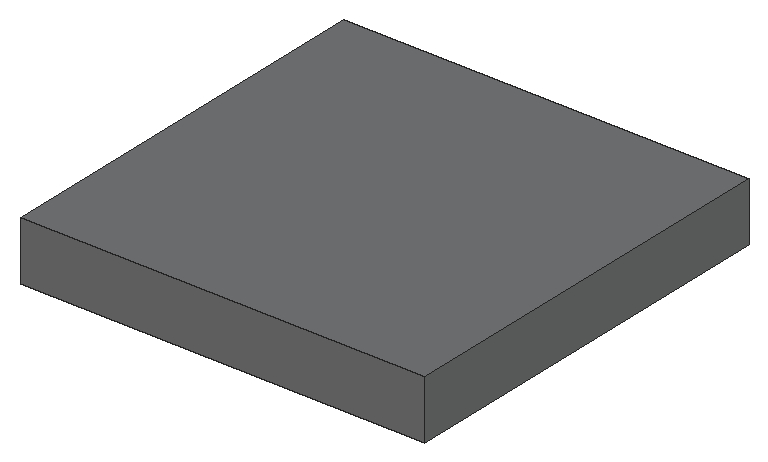
Revit family "Gira_0268600", category Electrical Fixtures, host Face, Revit 2017
Family settings
  Host = Face
  Maintain Annotation Orientation = No
  Round Connector Dimension = Use Diameter
  Part Type = Normal
  Cut with Voids When Loaded = No
  Shared = No
  Room Calculation Point = No
Parameters (values of type "Blank cov.pl. sup.ring System 55 stainl.steel")
  With strain relief = "No"
  With imprint = "No"
  With hinged lid = "No"
  With dust cover = "No"
  Utilization = "Blind cap"
  URL = "http://katalog.gira.de/en/datenblatt.html?artikelnr=0268600"
  Type of fastening = "Mounting with screw"
  Transparent = "No"
  Surface protection = "Other"
  Surface finishing = "Not applicable"
  Support ring = "Yes"
  Suitable for degree of protection (IP) = "IP20"
  Name = "Blank cov.pl. sup.ring System 55 stainl.steel"
  Mounting method = "Flush mounted (plaster)"
  Material quality = "Stainless steel"
  Material = "Metal"
  Manufacturer URL = "https://www.gira.de/"
  Manufacturer = "Gira"
  Luster terminal = "No"
  Keynote = ""
  Imprintable label = "Without indication field"
  HeinzeBIM = "https://bimportal.heinze.de/bim/blank-cov-pl-sup-ring-system-55-stainl-steel/dfc6c3530310db51c0ad2c5bc915e1ef6fadc11d"
  Halogen free = "No"
  HAN = "0268600"
  GTIN = "4010337021865"
  Description = "Bl.cov.pl.sup.r. Sys55 SST,Blank cover plate with support ring,,Stainless steel,Notes :,- For screw mounting only."
  Default Elevation = 1219.2 mm
  Data sheet (1) = "https://katalog.gira.de/en/download.html?artikelnr=0268600"
  Colour = "Stainless steel"
  Category = "Insert/cover for communication technology"
  BIM (1) = "https://media.stage.bim.site/public/gira/36a6b08/Sys55_Abdeckung_Schalten und Tasten.rfa?public/gira/36a6b08/Sys55_Abdeckung_Schalten und Tasten.rfa"
  Available = "No"
  Assembly arrangement = "Central cover plate"
  Anthrazit [instance] = Anthrazit
Reference planes
  plane 1 "Center (Front/Back)": y = 0
  plane 2: z = 0
  plane 3 "Center (Left/Right)": x = 0
Forms (mm)
  Extrusion 1, solid, material "Anthrazit" <- "Anthrazit", detail levels fine
    sketch origin (0, 0, 0) x (1, 0, 0) y (0, 1, 0)
      loop
        line (-27.5, 27.5) -> (-27.5, -27.5) -> (27.5, -27.5) -> (27.5, 27.5) -> (-27.5, 27.5)
    from 0 to 8
  Extrusion 2, void
    sketch origin (0, 0, 0) x (1, 0, 0) y (0, 1, 0)
      loop
        line (26, 26) -> (-26, 26) -> (-26, -26) -> (26, -26) -> (26, 26)
    from 0 to 6
  Extrusion 3, solid, material "Anthrazit" <- "Anthrazit", detail levels medium
    sketch origin (0, 0, 0) x (1, 0, 0) y (0, 1, 0)
      loop
        line (-27.5, 27.5) -> (-27.5, -27.5) -> (27.5, -27.5) -> (27.5, 27.5) -> (-27.5, 27.5)
    from 0 to 8
  Extrusion 4, solid, material "Anthrazit" <- "Anthrazit", detail levels medium
    sketch origin (0, 0, 0) x (1, 0, 0) y (0, 1, 0)
      loop
        line (11, -17.5) -> (11, 17.5) -> (-11, 17.5) -> (-11, -17.5) -> (11, -17.5)
    from -6 to 6
  Extrusion 5, solid, material "Anthrazit" <- "Anthrazit", detail levels fine
    sketch origin (0, 0, 0) x (1, 0, 0) y (0, 1, 0)
      loop
        line (11, 17.5) -> (-11, 17.5) -> (-11, 16.5) -> (11, 16.5) -> (11, 17.5)
      loop
        line (-11, -16.5) -> (-11, -17.5) -> (11, -17.5) -> (11, -16.5) -> (-11, -16.5)
    from -4 to 6
  Extrusion 6, solid, material "Anthrazit" <- "Anthrazit", detail levels fine
    sketch origin (0, 0, 0) x (1, 0, 0) y (0, 1, 0)
      loop
        arc (5, 9.347) -> (0, 10.6) -> (-5, 9.347) r 10.6
        line (-5, 9.347) -> (-5, -9.347)
        arc (-5, -9.347) -> (0, -10.6) -> (5, -9.347) r 10.6
        line (5, -9.347) -> (5, 9.347)
    from -6 to 6
  Extrusion 7, solid, material "Anthrazit" <- "Anthrazit", detail levels coarse
    sketch origin (0, 0, 0) x (1, 0, 0) y (0, 1, 0)
      loop
        line (-27.5, 27.5) -> (-27.5, -27.5) -> (27.5, -27.5) -> (27.5, 27.5) -> (-27.5, 27.5)
    from -6 to 8
Cuts and joins
  Extrusion 2 cuts Extrusion 1
Dimensions and locks
  aligned and locked: plane 2 to host face
  aligned and locked: level to host face
